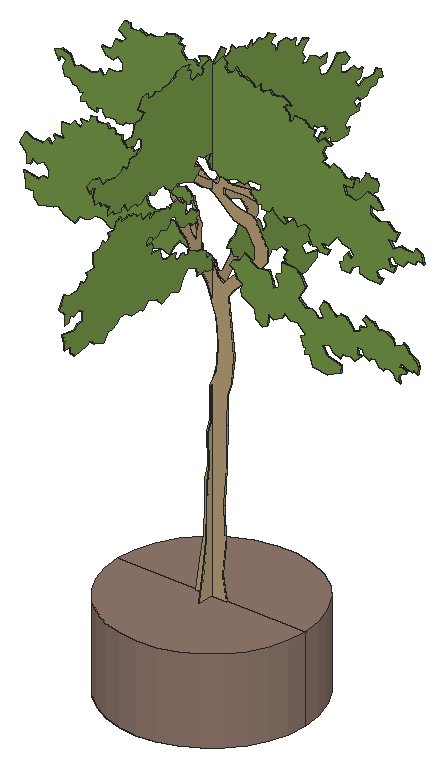
Revit family "L-PL특수목_소나무_1", category 수목, Revit 2019
Family settings
  OmniClass 번호 = 23.40.05.00
  OmniClass 제목 = Plants and Planting Products
  작업 기준면 기반 = 아니오
  항상 수직 = 예
  로드될 때 보이드를 사용하여 절단 = 아니오
  렌더 모양 소스 = 패밀리 형상
  공유 = 아니오
Parameters
  콘 높이 = 뿌리분 직경 / 4  # 272.5 mm
  뿌리분 직경 = (24 mm + ((R / 10) - 3 mm) * 5) * 10  # 1090 mm
  뿌리분 높이 = 뿌리분 직경 / 2  # 545 mm
  높이 = 4500 mm
  R = 200 mm
  H = 높이  # 4500 mm
Reference planes
  plane 1 "중심(앞/뒤)": y = 0
  plane 2: z = 0
  plane 3 "중심(왼쪽/오른쪽)": x = 0
  plane 4: x = 482.5
  plane 5: x = -607.5
  plane 6: z = -545
  plane 7: z = -817.5
  plane 8: z = 4500
  plane 9: x = -100
  plane 10: x = 100
Forms (mm)
  Revolve 1, solid, material "흙"
    sketch origin (0, 0, 0) x (1, 0, 0) y (0, 0, 1)
      loop
        line (0, 0) -> (-607.5, 0) -> (-607.5, -545) -> (0, -545) -> (0, 0)
      axis (0, 0) -> (0, -545)
    angle from 0 to 360
  Revolve 2, solid, material "흙"
    sketch origin (0, 0, 0) x (1, 0, 0) y (0, 0, 1)
      loop
        line (0, -545) -> (-607.5, -545) -> (0, -817.5) -> (0, -545)
      axis (0, -545) -> (0, -817.5)
    angle from 0 to 360
Dimensions and locks
  "뿌리분 직경": plane 4 to plane 5
  "뿌리분 높이": plane 6 to level
  "콘 높이": plane 7 to plane 6
  "H": level to plane 8
  "R": plane 9 to plane 10
  aligned and locked: level to plane 2
Automatic sketch dimensions
  Revolve 1 sketch curve to level = 0 mm  (x2)
  Revolve 1 sketch curve to plane 5 = 0 mm
  Revolve 1 sketch curve to plane 3 "중심(왼쪽/오른쪽)" = 0 mm  (x2)
  Revolve 1 sketch curve to plane 6 = 0 mm  (x2)
  Revolve 2 sketch curve to plane 5 = 0 mm
  Revolve 2 sketch curve to plane 3 "중심(왼쪽/오른쪽)" = 0 mm  (x2)
  Revolve 2 sketch curve to plane 7 = 0 mm  (x2)
  Revolve 2 sketch curve to plane 6 = 0 mm  (x2)
Nested families
  nested 1: "소나무1_base" at (0, 0, 0), type "소나무1_base"
Definition of nested family "소나무1_base"
  Parameters (values of type "소나무1_base")
    Height = 6000 mm
  Reference planes
    plane 1 "중심(앞/뒤)": y = 0
    plane 2: z = 0
    plane 3 "중심(왼쪽/오른쪽)": x = 0
  Forms (mm)
    Extrusion 1, solid
      sketch origin (1137.23, 0, -323.782) x (1, 0, 0) y (0, 0, 1)
        loop
          line (-934.585, 2192.569) -> (-970.449, 2213.187) -> (-976.809, 2241.312) -> (-1053.09, 2164.511) -> (-1094.55, 2190.24) -> (-1112.444, 2253.036) -> (-1122.608, 2209.784) -> (-1164.551, 2209.784) -> (-1196.947, 2225.969) -> (-1217.937, 2222.533) -> (-1172.266, 2140.358) -> (-1102.303, 1935.626) -> (-1085.621, 1783.156) -> (-1098.677, 1637.8) -> (-1144.009, 1531.549) -> (-1143.615, 1335.582) -> (-1164.919, 1268.324) -> (-1156.424, 1075.554) -> (-1176.505, 985.388) -> (-1179.633, 849.862) -> (-1181.531, 664.669) -> (-1209.946, 504.839) -> (-1237.23, 323.782) -> (-1037.23, 323.782) -> (-1063.792, 464.9) -> (-1043.453, 643.17) -> (-1052.318, 878.366) -> (-1037.576, 1102.624) -> (-1032.747, 1347.435) -> (-1030.238, 1514.02) -> (-1005.006, 1592.597) -> (-990.134, 1750.743) -> (-1024.518, 2088.801) -> (-980.633, 2146.557) -> (-934.585, 2192.569)
        loop
          line (-870.794, 2348.049) -> (-858.764, 2341.134) -> (-832.598, 2326.091) -> (-811.092, 2328.525) -> (-772.552, 2374.489) -> (-772.552, 2448.983) -> (-863.691, 2609.186) -> (-973.24, 2627.43) -> (-1052.359, 2674.343) -> (-1052.359, 2711.7) -> (-923.248, 2718.215) -> (-843.694, 2703.446) -> (-884.558, 2745.147) -> (-875.429, 2761.219) -> (-1005.617, 2747.124) -> (-1025.812, 2753.704) -> (-1025.812, 2764.232) -> (-1075.858, 2764.232) -> (-1085.077, 2729.578) -> (-1103.515, 2714.663) -> (-1166.701, 2741.369) -> (-1253.806, 2810.473) -> (-1290.136, 2782.919) -> (-1215.7, 2718.906) -> (-1110.598, 2658.292) -> (-987.595, 2552.146) -> (-905.966, 2524.212) -> (-853.41, 2434.826) -> (-853.41, 2365.551) -> (-870.794, 2348.049)
        loop
          line (-1336.731, 2464.366) -> (-1320.45, 2403.535) -> (-1277.613, 2386.5) -> (-1255.212, 2366.643) -> (-1227.524, 2366.643) -> (-1234.273, 2476.734) -> (-1223.622, 2513.982) -> (-1246.698, 2569.409) -> (-1263.562, 2560.984) -> (-1245.23, 2513.552) -> (-1259.416, 2478.824) -> (-1259.416, 2427.796) -> (-1284.241, 2460.397) -> (-1312.612, 2508.591) -> (-1330.54, 2558.013) -> (-1355.757, 2544.722) -> (-1399.538, 2562.72) -> (-1394.779, 2537.93) -> (-1336.731, 2464.366)
      from 0 to 5
    Extrusion 2, solid
      sketch origin (1137.23, 0, -323.782) x (1, 0, 0) y (0, 0, 1)
        loop
          line (-1703.091, 2845.337) -> (-1684.659, 2867.165) -> (-1658.718, 2867.165) -> (-1633.459, 2882.854) -> (-1633.459, 2857.615) -> (-1604.788, 2843.973) -> (-1580.321, 2866.436) -> (-1529.038, 2866.436) -> (-1503.943, 2835.908) -> (-1466.845, 2809.742) -> (-1419.927, 2834.818) -> (-1373.009, 2813.013) -> (-1294.448, 2783.576) -> (-1255.168, 2814.103) -> (-1228.981, 2843.54) -> (-1286.811, 2870.797) -> (-1255.168, 2918.768) -> (-1203.886, 2886.06) -> (-1187.519, 2886.06) -> (-1139.51, 2886.06) -> (-1167.879, 2843.54) -> (-1141.794, 2789.317) -> (-1105.29, 2789.317) -> (-1078.926, 2767.027) -> (-1024.171, 2767.027) -> (-976.175, 2789.993) -> (-916.687, 2779.185) -> (-886.267, 2810.932) -> (-817.315, 2810.932) -> (-817.315, 2784.589) -> (-839.623, 2766.351) -> (-865.311, 2775.808) -> (-880.859, 2747.438) -> (-832.765, 2697.932) -> (-809.872, 2697.932) -> (-809.872, 2673.71) -> (-760.044, 2673.71) -> (-737.823, 2708.024) -> (-725.703, 2681.111) -> (-694.055, 2657.562) -> (-658.368, 2641.415) -> (-643.554, 2660.254) -> (-666.448, 2681.784) -> (-623.354, 2693.222) -> (-594.4, 2693.222) -> (-576.893, 2655.544) -> (-531.105, 2684.475) -> (-494.744, 2664.291) -> (-506.543, 2631.089) -> (-479.767, 2577.579) -> (-454.999, 2577.579) -> (-434.917, 2558.851) -> (-384.713, 2558.851) -> (-369.316, 2592.295) -> (-399.439, 2592.295) -> (-427.554, 2616.374) -> (-374.672, 2616.374) -> (-321.12, 2685.268) -> (-288.989, 2657.844) -> (-232.744, 2646.717) -> (-215.623, 2609.999) -> (-228.568, 2589.553) -> (-252.37, 2617.926) -> (-278.678, 2587.05) -> (-278.678, 2561.597) -> (-302.897, 2546.993) -> (-292.378, 2504.448) -> (-239.039, 2504.448) -> (-219.837, 2542.822) -> (-177.247, 2565.207) -> (-177.247, 2527.535) -> (-125.18, 2509.485) -> (-47.611, 2509.485) -> (-27.421, 2545.585) -> (-50.798, 2545.585) -> (-67.8, 2575.314) -> (-24.079, 2607.545) -> (44.062, 2607.545) -> (55.971, 2645.225) -> (26.2, 2635.309) -> (8.338, 2676.294) -> (37.447, 2692.82) -> (57.294, 2665.056) -> (107.573, 2665.056) -> (133.374, 2699.43) -> (182.329, 2699.43) -> (195.561, 2731.822) -> (237.239, 2717.279) -> (225.331, 2770.162) -> (188.283, 2791.977) -> (170.421, 2764.213) -> (132.05, 2764.213) -> (90.372, 2774.129) -> (45.386, 2747.026) -> (12.958, 2787.312) -> (55.254, 2787.312) -> (76.402, 2845.279) -> (47.489, 2845.279) -> (7.912, 2884.825) -> (-50.794, 2871.643) -> (-102.904, 2897.348) -> (-102.904, 2942.167) -> (-60.688, 2927.667) -> (-23.75, 2946.122) -> (-65.965, 2997.532) -> (-125.991, 3014.009) -> (-162.929, 2963.917) -> (-203.826, 2934.917) -> (-263.851, 2952.054) -> (-278.363, 3001.486) -> (-224.274, 3001.486) -> (-209.966, 3051.99) -> (-263.578, 3045.63) -> (-301.532, 3078.727) -> (-347.077, 3096.655) -> (-368.469, 3070.453) -> (-418.154, 3083.554) -> (-392.621, 3111.135) -> (-412.633, 3142.164) -> (-392.621, 3180.088) -> (-355.357, 3200.774) -> (-403.662, 3224.907) -> (-438.166, 3195.257) -> (-474.049, 3213.185) -> (-462.318, 3250.42) -> (-498.892, 3250.42) -> (-538.225, 3285.507) -> (-597.025, 3285.507) -> (-607.325, 3249.141) -> (-629.299, 3249.141) -> (-629.299, 3282.076) -> (-666.381, 3315.698) -> (-647.84, 3334.91) -> (-621.059, 3334.91) -> (-636.853, 3350.692) -> (-679.428, 3374.707) -> (-690.415, 3362.356) -> (-735.737, 3362.356) -> (-754.964, 3380.196) -> (-792.732, 3360.984) -> (-816.08, 3360.984) -> (-816.08, 3391.861) -> (-849.041, 3360.298) -> (-871.702, 3381.569) -> (-911.53, 3398.723) -> (-944.491, 3398.723) -> (-976.079, 3435.089) -> (-991.873, 3404.212) -> (-1019.548, 3388.481) -> (-1045.642, 3411.124) -> (-1029.848, 3436.512) -> (-1062.81, 3463.272) -> (-1092.337, 3424.848) -> (-1127.359, 3402.204) -> (-1156.886, 3431.023) -> (-1218.002, 3417.3) -> (-1205.641, 3391.226) -> (-1215.942, 3361.721) -> (-1248.216, 3385.051) -> (-1292.165, 3367.897) -> (-1323.066, 3401.518) -> (-1312.079, 3437.198) -> (-1342.98, 3448.177) -> (-1323.066, 3474.937) -> (-1373.194, 3485.229) -> (-1427.443, 3472.192) -> (-1443.923, 3448.177) -> (-1490.618, 3431.023) -> (-1527.013, 3431.023) -> (-1549.674, 3417.986) -> (-1596.369, 3436.512) -> (-1611.476, 3422.789) -> (-1655.424, 3422.789) -> (-1655.424, 3452.294) -> (-1695.939, 3452.294) -> (-1728.9, 3389.854) -> (-1681.542, 3351.834) -> (-1709.696, 3327.819) -> (-1750.898, 3327.819) -> (-1779.052, 3258.517) -> (-1840.168, 3258.517) -> (-1818.194, 3209.8) -> (-1766.005, 3199.508) -> (-1736.477, 3231.071) -> (-1707.753, 3205.684) -> (-1707.753, 3159.133) -> (-1747.386, 3136.601) -> (-1795.903, 3136.601) -> (-1808.203, 3103.144) -> (-1830.069, 3092.219) -> (-1852.619, 3116.117) -> (-1865.603, 3093.584) -> (-1912.753, 3077.88) -> (-1979.036, 3092.902) -> (-2017.302, 3078.563) -> (-2043.269, 3133.869) -> (-2099.302, 3150.256) -> (-2147.135, 3130.455) -> (-2119.802, 3075.832) -> (-2109.552, 3109.972) -> (-2077.435, 3093.584) -> (-2091.785, 3049.203) -> (-2082.902, 3000.041) -> (-2049.419, 3000.041) -> (-2030.969, 2969.998) -> (-2004.319, 2969.998) -> (-1982.431, 2940.45) -> (-1957.831, 2940.45) -> (-1978.331, 2913.82) -> (-1978.331, 2887.191) -> (-1936.648, 2898.799) -> (-1925.714, 2874.901) -> (-1872.414, 2863.294) -> (-1872.414, 2885.143) -> (-1837.565, 2900.847) -> (-1837.565, 2879.681) -> (-1817.095, 2848.747) -> (-1795.25, 2861.026) -> (-1753.608, 2861.026) -> (-1742.002, 2845.337) -> (-1703.091, 2845.337)
        loop
          line (-2097.474, 2666.253) -> (-2082.982, 2634.395) -> (-2149.645, 2634.395) -> (-2138.659, 2606.698) -> (-2166.3, 2575.922) -> (-2190.511, 2597.666) -> (-2220.174, 2562.957) -> (-2291.668, 2562.957) -> (-2331.28, 2584.195) -> (-2368.96, 2512.757) -> (-2325.483, 2466.419) -> (-2325.483, 2406.565) -> (-2299.091, 2413.537) -> (-2287.21, 2445.59) -> (-2253.023, 2427.803) -> (-2218.242, 2450.007) -> (-2183.46, 2421.045) -> (-2183.46, 2367.949) -> (-2224.038, 2367.949) -> (-2250.124, 2345.745) -> (-2344.806, 2362.157) -> (-2330.127, 2303.843) -> (-2330.127, 2264.468) -> (-2282.84, 2262.557) -> (-2282.84, 2229.333) -> (-2247.071, 2196.621) -> (-2153.101, 2214.188) -> (-2125.82, 2228.121) -> (-2083.989, 2195.409) -> (-2016.088, 2170.572) -> (-1981.532, 2216.611) -> (-1950.613, 2216.611) -> (-1909.994, 2232.362) -> (-1882.107, 2257.199) -> (-1834.213, 2257.199) -> (-1783.287, 2225.698) -> (-1718.024, 2230.886) -> (-1695.527, 2217.477) -> (-1647.539, 2255.109) -> (-1591.047, 2233.258) -> (-1542.452, 2189.557) -> (-1460.447, 2219.298) -> (-1405.169, 2198.054) -> (-1372.367, 2260.572) -> (-1335.313, 2305.487) -> (-1266.065, 2276.96) -> (-1252.701, 2220.512) -> (-1196.195, 2229.004) -> (-1164.484, 2213.161) -> (-1124.235, 2213.161) -> (-1115.697, 2251.55) -> (-1146.798, 2295.423) -> (-1191.926, 2295.423) -> (-1191.926, 2339.297) -> (-1223.027, 2363.062) -> (-1255.958, 2363.062) -> (-1279.132, 2384.389) -> (-1327.91, 2402.213) -> (-1327.91, 2383.914) -> (-1356.907, 2383.914) -> (-1366.446, 2406.788) -> (-1387.813, 2406.788) -> (-1397.733, 2391.92) -> (-1427.875, 2391.92) -> (-1439.321, 2408.313) -> (-1431.69, 2431.95) -> (-1466.029, 2438.05) -> (-1504.946, 2428.9) -> (-1536.996, 2443.007) -> (-1550.35, 2470.837) -> (-1557.218, 2504.768) -> (-1591.557, 2513.156) -> (-1632.001, 2513.156) -> (-1621.411, 2550.81) -> (-1627.936, 2574.203) -> (-1666.699, 2574.203) -> (-1675.91, 2601.814) -> (-1651.731, 2618.688) -> (-1614.503, 2609.484) -> (-1614.503, 2589.159) -> (-1577.274, 2598.746) -> (-1560.004, 2618.688) -> (-1530.067, 2613.319) -> (-1505.888, 2599.513) -> (-1477.487, 2626.742) -> (-1482.477, 2645.149) -> (-1455.611, 2652.052) -> (-1428.361, 2642.848) -> (-1428.361, 2618.305) -> (-1413.01, 2599.513) -> (-1401.879, 2566.916) -> (-1356.305, 2547.294) -> (-1327.948, 2561.461) -> (-1294.66, 2534.975) -> (-1265.07, 2547.294) -> (-1265.07, 2562.693) -> (-1245.344, 2571.933) -> (-1245.344, 2594.724) -> (-1259.992, 2586.033) -> (-1270.02, 2609.541) -> (-1285.833, 2613.395) -> (-1301.646, 2632.279) -> (-1320.159, 2622.644) -> (-1348.699, 2614.551) -> (-1361.427, 2639.601) -> (-1351.785, 2660.026) -> (-1351.785, 2692.547) -> (-1376.14, 2692.547) -> (-1418.223, 2738.308) -> (-1452.735, 2728.387) -> (-1470.933, 2728.387) -> (-1462.028, 2712.911) -> (-1480.226, 2704.399) -> (-1498.812, 2728.774) -> (-1510.428, 2718.715) -> (-1521.657, 2724.131) -> (-1548.761, 2740.381) -> (-1553.794, 2729.548) -> (-1600.258, 2745.024) -> (-1600.258, 2733.03) -> (-1613.81, 2733.03) -> (-1630.073, 2716.393) -> (-1646.722, 2731.482) -> (-1637.042, 2751.988) -> (-1653.692, 2751.988) -> (-1680.73, 2741.128) -> (-1700.983, 2741.128) -> (-1710.721, 2762.923) -> (-1710.721, 2782.771) -> (-1753.953, 2776.933) -> (-1753.953, 2794.446) -> (-1770.312, 2805.343) -> (-1787.06, 2796.392) -> (-1809.28, 2817.537) -> (-1827.196, 2807.807) -> (-1869.65, 2807.807) -> (-1875.493, 2820.261) -> (-1875.493, 2833.493) -> (-1895.746, 2825.32) -> (-1913.273, 2825.32) -> (-1913.907, 2813.957) -> (-1927.944, 2785.458) -> (-1975.443, 2785.458) -> (-1965.63, 2762.708) -> (-1978.191, 2741.919) -> (-1997.819, 2741.919) -> (-2018.232, 2759.962) -> (-2042.404, 2727.072) -> (-2097.474, 2727.072) -> (-2097.474, 2666.253)
        loop
          line (-728.938, 2059.436) -> (-675.043, 2089.743) -> (-657.865, 2119.623) -> (-619.24, 2097.417) -> (-574.146, 2097.997) -> (-525.075, 2044.939) -> (-556.303, 2028.106) -> (-539.495, 1973.718) -> (-525.779, 1975.364) -> (-532.571, 1935.977) -> (-498.589, 1941.782) -> (-480.895, 1878.816) -> (-383.341, 1862.857) -> (-297.127, 1906.212) -> (-294.644, 1949.132) -> (-385.371, 1969.613) -> (-417.888, 2027.802) -> (-369.456, 2040.02) -> (-344.661, 2005.407) -> (-299.687, 1988.746) -> (-284.647, 2014.907) -> (-266.128, 2017.396) -> (-233.262, 2020.831) -> (-207.08, 2005.779) -> (-162.141, 2049.22) -> (-187.761, 2053.615) -> (-190.494, 2090.806) -> (-156.794, 2089.242) -> (-147.271, 2063.862) -> (-111.81, 2043.476) -> (-103.209, 2058.436) -> (-72.544, 2060.712) -> (-50.295, 2030.112) -> (-23.502, 2014.709) -> (-14.449, 2030.457) -> (11.27, 2038.719) -> (43.579, 2020.145) -> (58.736, 1993.621) -> (87.105, 1977.313) -> (78.05, 2010.804) -> (90.725, 2032.851) -> (121.189, 2045.719) -> (132.053, 2064.617) -> (82.14, 2074.454) -> (94.362, 2095.714) -> (121.155, 2080.311) -> (169.156, 2072.62) -> (175.041, 2082.857) -> (201.045, 2067.907) -> (207.801, 2114.309) -> (194.12, 2145.223) -> (144.475, 2173.763) -> (129.217, 2205.583) -> (106.364, 2218.721) -> (96.858, 2202.185) -> (48.81, 2184.114) -> (42.263, 2218.141) -> (-1.693, 2243.411) -> (-28.531, 2242.143) -> (-56.27, 2239.306) -> (-85.614, 2271.829) -> (-117.044, 2275.288) -> (-139.807, 2288.375) -> (-153.785, 2264.061) -> (-134.947, 2253.231) -> (-126.028, 2225.146) -> (-173.038, 2219.418) -> (-169.118, 2191.177) -> (-213.328, 2177.611) -> (-222.156, 2199.578) -> (-265.681, 2241.493) -> (-301.47, 2242.576) -> (-322.348, 2222.094) -> (-358.511, 2242.884) -> (-377.311, 2275.782) -> (-409.387, 2279.929) -> (-436.056, 2233.539) -> (-406.745, 2181.605) -> (-447.804, 2170.126) -> (-469.827, 2199.679) -> (-487.42, 2209.793) -> (-521.961, 2206.261) -> (-566.817, 2246.991) -> (-549.973, 2276.29) -> (-524.427, 2320.726) -> (-554.696, 2382.307) -> (-597.213, 2406.749) -> (-678.574, 2409.993) -> (-679.426, 2373.451) -> (-678.229, 2346.125) -> (-711.533, 2333.436) -> (-719.393, 2319.763) -> (-696.694, 2280.076) -> (-696.247, 2261.627) -> (-730.953, 2246.496) -> (-738.295, 2276.705) -> (-745.782, 2304.398) -> (-763.261, 2333.937) -> (-832.598, 2326.091) -> (-858.764, 2341.134) -> (-902.374, 2366.205) -> (-921.064, 2376.949) -> (-951.125, 2324.658) -> (-992.136, 2316.762) -> (-1013.608, 2279.412) -> (-981.213, 2260.788) -> (-970.449, 2213.187) -> (-930.577, 2190.265) -> (-944.892, 2165.365) -> (-936.779, 2127.571) -> (-910.613, 2112.528) -> (-857.035, 2081.727) -> (-844.866, 2025.036) -> (-800.011, 1999.249) -> (-770.929, 2012.347) -> (-762.58, 2078.776) -> (-728.938, 2059.436)
      from 0 to 5
    Extrusion 3, solid
      sketch origin (0, 1137.23, -323.782) x (0, 1, 0) y (0, 0, 1)
        loop
          line (-934.585, 2192.569) -> (-970.449, 2213.187) -> (-976.809, 2241.312) -> (-1053.09, 2164.511) -> (-1094.55, 2190.24) -> (-1112.444, 2253.036) -> (-1122.608, 2209.784) -> (-1164.551, 2209.784) -> (-1196.947, 2225.969) -> (-1217.937, 2222.533) -> (-1172.266, 2140.358) -> (-1102.303, 1935.626) -> (-1085.621, 1783.156) -> (-1098.677, 1637.8) -> (-1144.009, 1531.549) -> (-1143.615, 1335.582) -> (-1164.919, 1268.324) -> (-1156.424, 1075.554) -> (-1176.505, 985.388) -> (-1179.633, 849.862) -> (-1181.531, 664.669) -> (-1209.946, 504.839) -> (-1237.23, 323.782) -> (-1037.23, 323.782) -> (-1063.792, 464.9) -> (-1043.453, 643.17) -> (-1052.318, 878.366) -> (-1037.576, 1102.624) -> (-1032.747, 1347.435) -> (-1030.238, 1514.02) -> (-1005.006, 1592.597) -> (-990.134, 1750.743) -> (-1024.518, 2088.801) -> (-980.633, 2146.557) -> (-934.585, 2192.569)
        loop
          line (-870.794, 2348.049) -> (-858.764, 2341.134) -> (-832.598, 2326.091) -> (-811.092, 2328.525) -> (-772.552, 2374.489) -> (-772.552, 2448.983) -> (-863.691, 2609.186) -> (-973.24, 2627.43) -> (-1052.359, 2674.343) -> (-1052.359, 2711.7) -> (-923.248, 2718.215) -> (-843.694, 2703.446) -> (-884.558, 2745.147) -> (-875.429, 2761.219) -> (-1005.617, 2747.124) -> (-1025.812, 2753.704) -> (-1025.812, 2764.232) -> (-1075.858, 2764.232) -> (-1085.077, 2729.578) -> (-1103.515, 2714.663) -> (-1166.701, 2741.369) -> (-1253.806, 2810.473) -> (-1290.136, 2782.919) -> (-1215.7, 2718.906) -> (-1110.598, 2658.292) -> (-987.595, 2552.146) -> (-905.966, 2524.212) -> (-853.41, 2434.826) -> (-853.41, 2365.551) -> (-870.794, 2348.049)
        loop
          line (-1336.731, 2464.366) -> (-1320.45, 2403.535) -> (-1277.613, 2386.5) -> (-1255.212, 2366.643) -> (-1227.524, 2366.643) -> (-1234.273, 2476.734) -> (-1223.622, 2513.982) -> (-1246.698, 2569.409) -> (-1263.562, 2560.984) -> (-1245.23, 2513.552) -> (-1259.416, 2478.824) -> (-1259.416, 2427.796) -> (-1284.241, 2460.397) -> (-1312.612, 2508.591) -> (-1330.54, 2558.013) -> (-1355.757, 2544.722) -> (-1399.538, 2562.72) -> (-1394.779, 2537.93) -> (-1336.731, 2464.366)
      from 0 to 5
    Extrusion 4, solid
      sketch origin (0, 1137.23, -323.782) x (0, 1, 0) y (0, 0, 1)
        loop
          line (-1703.091, 2845.337) -> (-1684.659, 2867.165) -> (-1658.718, 2867.165) -> (-1633.459, 2882.854) -> (-1633.459, 2857.615) -> (-1604.788, 2843.973) -> (-1580.321, 2866.436) -> (-1529.038, 2866.436) -> (-1503.943, 2835.908) -> (-1466.845, 2809.742) -> (-1419.927, 2834.818) -> (-1373.009, 2813.013) -> (-1294.448, 2783.576) -> (-1255.168, 2814.103) -> (-1228.981, 2843.54) -> (-1286.811, 2870.797) -> (-1255.168, 2918.768) -> (-1203.886, 2886.06) -> (-1187.519, 2886.06) -> (-1139.51, 2886.06) -> (-1167.879, 2843.54) -> (-1141.794, 2789.317) -> (-1105.29, 2789.317) -> (-1078.926, 2767.027) -> (-1024.171, 2767.027) -> (-976.175, 2789.993) -> (-916.687, 2779.185) -> (-886.267, 2810.932) -> (-817.315, 2810.932) -> (-817.315, 2784.589) -> (-839.623, 2766.351) -> (-865.311, 2775.808) -> (-880.859, 2747.438) -> (-832.765, 2697.932) -> (-809.872, 2697.932) -> (-809.872, 2673.71) -> (-760.044, 2673.71) -> (-737.823, 2708.024) -> (-725.703, 2681.111) -> (-694.055, 2657.562) -> (-658.368, 2641.415) -> (-643.554, 2660.254) -> (-666.448, 2681.784) -> (-623.354, 2693.222) -> (-594.4, 2693.222) -> (-576.893, 2655.544) -> (-531.105, 2684.475) -> (-494.744, 2664.291) -> (-506.543, 2631.089) -> (-479.767, 2577.579) -> (-454.999, 2577.579) -> (-434.917, 2558.851) -> (-384.713, 2558.851) -> (-369.316, 2592.295) -> (-399.439, 2592.295) -> (-427.554, 2616.374) -> (-374.672, 2616.374) -> (-321.12, 2685.268) -> (-288.989, 2657.844) -> (-232.744, 2646.717) -> (-215.623, 2609.999) -> (-228.568, 2589.553) -> (-252.37, 2617.926) -> (-278.678, 2587.05) -> (-278.678, 2561.597) -> (-302.897, 2546.993) -> (-292.378, 2504.448) -> (-239.039, 2504.448) -> (-219.837, 2542.822) -> (-177.247, 2565.207) -> (-177.247, 2527.535) -> (-125.18, 2509.485) -> (-47.611, 2509.485) -> (-27.421, 2545.585) -> (-50.798, 2545.585) -> (-67.8, 2575.314) -> (-24.079, 2607.545) -> (44.062, 2607.545) -> (55.971, 2645.225) -> (26.2, 2635.309) -> (8.338, 2676.294) -> (37.447, 2692.82) -> (57.294, 2665.056) -> (107.573, 2665.056) -> (133.374, 2699.43) -> (182.329, 2699.43) -> (195.561, 2731.822) -> (237.239, 2717.279) -> (225.331, 2770.162) -> (188.283, 2791.977) -> (170.421, 2764.213) -> (132.05, 2764.213) -> (90.372, 2774.129) -> (45.386, 2747.026) -> (12.958, 2787.312) -> (55.254, 2787.312) -> (76.402, 2845.279) -> (47.489, 2845.279) -> (7.912, 2884.825) -> (-50.794, 2871.643) -> (-102.904, 2897.348) -> (-102.904, 2942.167) -> (-60.688, 2927.667) -> (-23.75, 2946.122) -> (-65.965, 2997.532) -> (-125.991, 3014.009) -> (-162.929, 2963.917) -> (-203.826, 2934.917) -> (-263.851, 2952.054) -> (-278.363, 3001.486) -> (-224.274, 3001.486) -> (-209.966, 3051.99) -> (-263.578, 3045.63) -> (-301.532, 3078.727) -> (-347.077, 3096.655) -> (-368.469, 3070.453) -> (-418.154, 3083.554) -> (-392.621, 3111.135) -> (-412.633, 3142.164) -> (-392.621, 3180.088) -> (-355.357, 3200.774) -> (-403.662, 3224.907) -> (-438.166, 3195.257) -> (-474.049, 3213.185) -> (-462.318, 3250.42) -> (-498.892, 3250.42) -> (-538.225, 3285.507) -> (-597.025, 3285.507) -> (-607.325, 3249.141) -> (-629.299, 3249.141) -> (-629.299, 3282.076) -> (-666.381, 3315.698) -> (-647.84, 3334.91) -> (-621.059, 3334.91) -> (-636.853, 3350.692) -> (-679.428, 3374.707) -> (-690.415, 3362.356) -> (-735.737, 3362.356) -> (-754.964, 3380.196) -> (-792.732, 3360.984) -> (-816.08, 3360.984) -> (-816.08, 3391.861) -> (-849.041, 3360.298) -> (-871.702, 3381.569) -> (-911.53, 3398.723) -> (-944.491, 3398.723) -> (-976.079, 3435.089) -> (-991.873, 3404.212) -> (-1019.548, 3388.481) -> (-1045.642, 3411.124) -> (-1029.848, 3436.512) -> (-1062.81, 3463.272) -> (-1092.337, 3424.848) -> (-1127.359, 3402.204) -> (-1156.886, 3431.023) -> (-1218.002, 3417.3) -> (-1205.641, 3391.226) -> (-1215.942, 3361.721) -> (-1248.216, 3385.051) -> (-1292.165, 3367.897) -> (-1323.066, 3401.518) -> (-1312.079, 3437.198) -> (-1342.98, 3448.177) -> (-1323.066, 3474.937) -> (-1373.194, 3485.229) -> (-1427.443, 3472.192) -> (-1443.923, 3448.177) -> (-1490.618, 3431.023) -> (-1527.013, 3431.023) -> (-1549.674, 3417.986) -> (-1596.369, 3436.512) -> (-1611.476, 3422.789) -> (-1655.424, 3422.789) -> (-1655.424, 3452.294) -> (-1695.939, 3452.294) -> (-1728.9, 3389.854) -> (-1681.542, 3351.834) -> (-1709.696, 3327.819) -> (-1750.898, 3327.819) -> (-1779.052, 3258.517) -> (-1840.168, 3258.517) -> (-1818.194, 3209.8) -> (-1766.005, 3199.508) -> (-1736.477, 3231.071) -> (-1707.753, 3205.684) -> (-1707.753, 3159.133) -> (-1747.386, 3136.601) -> (-1795.903, 3136.601) -> (-1808.203, 3103.144) -> (-1830.069, 3092.219) -> (-1852.619, 3116.117) -> (-1865.603, 3093.584) -> (-1912.753, 3077.88) -> (-1979.036, 3092.902) -> (-2017.302, 3078.563) -> (-2043.269, 3133.869) -> (-2099.302, 3150.256) -> (-2147.135, 3130.455) -> (-2119.802, 3075.832) -> (-2109.552, 3109.972) -> (-2077.435, 3093.584) -> (-2091.785, 3049.203) -> (-2082.902, 3000.041) -> (-2049.419, 3000.041) -> (-2030.969, 2969.998) -> (-2004.319, 2969.998) -> (-1982.431, 2940.45) -> (-1957.831, 2940.45) -> (-1978.331, 2913.82) -> (-1978.331, 2887.191) -> (-1936.648, 2898.799) -> (-1925.714, 2874.901) -> (-1872.414, 2863.294) -> (-1872.414, 2885.143) -> (-1837.565, 2900.847) -> (-1837.565, 2879.681) -> (-1817.095, 2848.747) -> (-1795.25, 2861.026) -> (-1753.608, 2861.026) -> (-1742.002, 2845.337) -> (-1703.091, 2845.337)
        loop
          line (-2097.474, 2666.253) -> (-2082.982, 2634.395) -> (-2149.645, 2634.395) -> (-2138.659, 2606.698) -> (-2166.3, 2575.922) -> (-2190.511, 2597.666) -> (-2220.174, 2562.957) -> (-2291.668, 2562.957) -> (-2331.28, 2584.195) -> (-2368.96, 2512.757) -> (-2325.483, 2466.419) -> (-2325.483, 2406.565) -> (-2299.091, 2413.537) -> (-2287.21, 2445.59) -> (-2253.023, 2427.803) -> (-2218.242, 2450.007) -> (-2183.46, 2421.045) -> (-2183.46, 2367.949) -> (-2224.038, 2367.949) -> (-2250.124, 2345.745) -> (-2344.806, 2362.157) -> (-2330.127, 2303.843) -> (-2330.127, 2264.468) -> (-2282.84, 2262.557) -> (-2282.84, 2229.333) -> (-2247.071, 2196.621) -> (-2153.101, 2214.188) -> (-2125.82, 2228.121) -> (-2083.989, 2195.409) -> (-2016.088, 2170.572) -> (-1981.532, 2216.611) -> (-1950.613, 2216.611) -> (-1909.994, 2232.362) -> (-1882.107, 2257.199) -> (-1834.213, 2257.199) -> (-1783.287, 2225.698) -> (-1718.024, 2230.886) -> (-1695.527, 2217.477) -> (-1647.539, 2255.109) -> (-1591.047, 2233.258) -> (-1542.452, 2189.557) -> (-1460.447, 2219.298) -> (-1405.169, 2198.054) -> (-1372.367, 2260.572) -> (-1335.313, 2305.487) -> (-1266.065, 2276.96) -> (-1252.701, 2220.512) -> (-1196.195, 2229.004) -> (-1164.484, 2213.161) -> (-1124.235, 2213.161) -> (-1115.697, 2251.55) -> (-1146.798, 2295.423) -> (-1191.926, 2295.423) -> (-1191.926, 2339.297) -> (-1223.027, 2363.062) -> (-1255.958, 2363.062) -> (-1279.132, 2384.389) -> (-1327.91, 2402.213) -> (-1327.91, 2383.914) -> (-1356.907, 2383.914) -> (-1366.446, 2406.788) -> (-1387.813, 2406.788) -> (-1397.733, 2391.92) -> (-1427.875, 2391.92) -> (-1439.321, 2408.313) -> (-1431.69, 2431.95) -> (-1466.029, 2438.05) -> (-1504.946, 2428.9) -> (-1536.996, 2443.007) -> (-1550.35, 2470.837) -> (-1557.218, 2504.768) -> (-1591.557, 2513.156) -> (-1632.001, 2513.156) -> (-1621.411, 2550.81) -> (-1627.936, 2574.203) -> (-1666.699, 2574.203) -> (-1675.91, 2601.814) -> (-1651.731, 2618.688) -> (-1614.503, 2609.484) -> (-1614.503, 2589.159) -> (-1577.274, 2598.746) -> (-1560.004, 2618.688) -> (-1530.067, 2613.319) -> (-1505.888, 2599.513) -> (-1477.487, 2626.742) -> (-1482.477, 2645.149) -> (-1455.611, 2652.052) -> (-1428.361, 2642.848) -> (-1428.361, 2618.305) -> (-1413.01, 2599.513) -> (-1401.879, 2566.916) -> (-1356.305, 2547.294) -> (-1327.948, 2561.461) -> (-1294.66, 2534.975) -> (-1265.07, 2547.294) -> (-1265.07, 2562.693) -> (-1245.344, 2571.933) -> (-1245.344, 2594.724) -> (-1259.992, 2586.033) -> (-1270.02, 2609.541) -> (-1285.833, 2613.395) -> (-1301.646, 2632.279) -> (-1320.159, 2622.644) -> (-1348.699, 2614.551) -> (-1361.427, 2639.601) -> (-1351.785, 2660.026) -> (-1351.785, 2692.547) -> (-1376.14, 2692.547) -> (-1418.223, 2738.308) -> (-1452.735, 2728.387) -> (-1470.933, 2728.387) -> (-1462.028, 2712.911) -> (-1480.226, 2704.399) -> (-1498.812, 2728.774) -> (-1510.428, 2718.715) -> (-1521.657, 2724.131) -> (-1548.761, 2740.381) -> (-1553.794, 2729.548) -> (-1600.258, 2745.024) -> (-1600.258, 2733.03) -> (-1613.81, 2733.03) -> (-1630.073, 2716.393) -> (-1646.722, 2731.482) -> (-1637.042, 2751.988) -> (-1653.692, 2751.988) -> (-1680.73, 2741.128) -> (-1700.983, 2741.128) -> (-1710.721, 2762.923) -> (-1710.721, 2782.771) -> (-1753.953, 2776.933) -> (-1753.953, 2794.446) -> (-1770.312, 2805.343) -> (-1787.06, 2796.392) -> (-1809.28, 2817.537) -> (-1827.196, 2807.807) -> (-1869.65, 2807.807) -> (-1875.493, 2820.261) -> (-1875.493, 2833.493) -> (-1895.746, 2825.32) -> (-1913.273, 2825.32) -> (-1913.907, 2813.957) -> (-1927.944, 2785.458) -> (-1975.443, 2785.458) -> (-1965.63, 2762.708) -> (-1978.191, 2741.919) -> (-1997.819, 2741.919) -> (-2018.232, 2759.962) -> (-2042.404, 2727.072) -> (-2097.474, 2727.072) -> (-2097.474, 2666.253)
        loop
          line (-728.938, 2059.436) -> (-675.043, 2089.743) -> (-657.865, 2119.623) -> (-619.24, 2097.417) -> (-574.146, 2097.997) -> (-525.075, 2044.939) -> (-556.303, 2028.106) -> (-539.495, 1973.718) -> (-525.779, 1975.364) -> (-532.571, 1935.977) -> (-498.589, 1941.782) -> (-480.895, 1878.816) -> (-383.341, 1862.857) -> (-297.127, 1906.212) -> (-294.644, 1949.132) -> (-385.371, 1969.613) -> (-417.888, 2027.802) -> (-369.456, 2040.02) -> (-344.661, 2005.407) -> (-299.687, 1988.746) -> (-284.647, 2014.907) -> (-266.128, 2017.396) -> (-233.262, 2020.831) -> (-207.08, 2005.779) -> (-162.141, 2049.22) -> (-187.761, 2053.615) -> (-190.494, 2090.806) -> (-156.794, 2089.242) -> (-147.271, 2063.862) -> (-111.81, 2043.476) -> (-103.209, 2058.436) -> (-72.544, 2060.712) -> (-50.295, 2030.112) -> (-23.502, 2014.709) -> (-14.449, 2030.457) -> (11.27, 2038.719) -> (43.579, 2020.145) -> (58.736, 1993.621) -> (87.105, 1977.313) -> (78.05, 2010.804) -> (90.725, 2032.851) -> (121.189, 2045.719) -> (132.053, 2064.617) -> (82.14, 2074.454) -> (94.362, 2095.714) -> (121.155, 2080.311) -> (169.156, 2072.62) -> (175.041, 2082.857) -> (201.045, 2067.907) -> (207.801, 2114.309) -> (194.12, 2145.223) -> (144.475, 2173.763) -> (129.217, 2205.583) -> (106.364, 2218.721) -> (96.858, 2202.185) -> (48.81, 2184.114) -> (42.263, 2218.141) -> (-1.693, 2243.411) -> (-28.531, 2242.143) -> (-56.27, 2239.306) -> (-85.614, 2271.829) -> (-117.044, 2275.288) -> (-139.807, 2288.375) -> (-153.785, 2264.061) -> (-134.947, 2253.231) -> (-126.028, 2225.146) -> (-173.038, 2219.418) -> (-169.118, 2191.177) -> (-213.328, 2177.611) -> (-222.156, 2199.578) -> (-265.681, 2241.493) -> (-301.47, 2242.576) -> (-322.348, 2222.094) -> (-358.511, 2242.884) -> (-377.311, 2275.782) -> (-409.387, 2279.929) -> (-436.056, 2233.539) -> (-406.745, 2181.605) -> (-447.804, 2170.126) -> (-469.827, 2199.679) -> (-487.42, 2209.793) -> (-521.961, 2206.261) -> (-566.817, 2246.991) -> (-549.973, 2276.29) -> (-524.427, 2320.726) -> (-554.696, 2382.307) -> (-597.213, 2406.749) -> (-678.574, 2409.993) -> (-679.426, 2373.451) -> (-678.229, 2346.125) -> (-711.533, 2333.436) -> (-719.393, 2319.763) -> (-696.694, 2280.076) -> (-696.247, 2261.627) -> (-730.953, 2246.496) -> (-738.295, 2276.705) -> (-745.782, 2304.398) -> (-763.261, 2333.937) -> (-832.598, 2326.091) -> (-858.764, 2341.134) -> (-902.374, 2366.205) -> (-921.064, 2376.949) -> (-951.125, 2324.658) -> (-992.136, 2316.762) -> (-1013.608, 2279.412) -> (-981.213, 2260.788) -> (-970.449, 2213.187) -> (-930.577, 2190.265) -> (-944.892, 2165.365) -> (-936.779, 2127.571) -> (-910.613, 2112.528) -> (-857.035, 2081.727) -> (-844.866, 2025.036) -> (-800.011, 1999.249) -> (-770.929, 2012.347) -> (-762.58, 2078.776) -> (-728.938, 2059.436)
      from 0 to 5
  Lines and regions (mm)
    symbolic lines
      curve 1: arc (646.101, -1366.729, 0) -> (387.083, -1322.686, 0) -> (192.84, -1499.604, 0) r 299.792
      curve 2: arc (279.296, 1481.351, 0) -> (462.959, 1293.473, 0) -> (724.094, 1322.429, 0) r 299.792
      curve 3: arc (-724.094, -1326.989, 0) -> (-840.709, -1091.552, 0) -> (-1098.012, -1038.396, 0) r 299.792
      curve 4: arc (-1098.012, -1038.396, 0) -> (-1136.166, -778.446, 0) -> (-1364.449, -648.381, 0) r 299.792
      curve 5: arc (192.84, -1499.604, 0) -> (-39.89, -1377.676, 0) -> (-279.296, -1485.911, 0) r 299.792
      curve 6: arc (-279.296, -1485.911, 0) -> (-462.959, -1298.033, 0) -> (-724.094, -1326.989, 0) r 299.792
      curve 7: arc (-1497.324, -195.121, 0) -> (-1375.396, 37.61, 0) -> (-1483.631, 277.016, 0) r 299.792
      curve 8: arc (-1483.631, 277.016, 0) -> (-1295.753, 460.679, 0) -> (-1324.709, 721.814, 0) r 299.792
      curve 9: arc (-1324.709, 721.814, 0) -> (-1089.272, 838.429, 0) -> (-1036.116, 1095.732, 0) r 299.792
      curve 10: arc (-1036.116, 1095.732, 0) -> (-776.166, 1133.886, 0) -> (-646.101, 1362.169, 0) r 299.792
      curve 11: arc (-646.101, 1362.169, 0) -> (-387.083, 1318.126, 0) -> (-192.84, 1495.044, 0) r 299.792
      curve 12: arc (-192.84, 1495.044, 0) -> (39.89, 1373.116, 0) -> (279.296, 1481.351, 0) r 299.792
      curve 13: arc (-1364.449, -648.381, 0) -> (-1320.406, -389.363, 0) -> (-1497.324, -195.121, 0) r 299.792
      curve 14: line (1036.116, -1100.292, 0) -> (0, -2.28, 0)
      curve 15: line (0, -2.28, 0) -> (646.101, -1366.729, 0)
      curve 16: line (1483.631, -281.576, 0) -> (0, -2.28, 0)
      curve 17: line (0, -2.28, 0) -> (1497.324, 190.56, 0)
      curve 18: line (1364.449, 643.821, 0) -> (0, -2.28, 0)
      curve 19: line (0, -2.28, 0) -> (1324.709, -726.374, 0)
      curve 20: line (724.094, 1322.429, 0) -> (0, -2.28, 0)
      curve 21: line (0, -2.28, 0) -> (1098.012, 1033.836, 0)
      curve 22: line (-724.094, -1326.989, 0) -> (0, -2.28, 0)
      curve 23: line (0, -2.28, 0) -> (-1098.012, -1038.396, 0)
      curve 24: line (192.84, -1499.604, 0) -> (0, -2.28, 0)
      curve 25: line (0, -2.28, 0) -> (-279.296, -1485.911, 0)
      curve 26: line (-1364.449, -648.381, 0) -> (0, -2.28, 0)
      curve 27: line (0, -2.28, 0) -> (-1497.324, -195.121, 0)
      curve 28: line (-1036.116, 1095.732, 0) -> (0, -2.28, 0)
      curve 29: line (0, -2.28, 0) -> (-1483.631, 277.016, 0)
      curve 30: line (-192.84, 1495.044, 0) -> (0, -2.28, 0)
      curve 31: line (0, -2.28, 0) -> (-1324.709, 721.814, 0)
      curve 32: line (279.296, 1481.351, 0) -> (0, -2.28, 0)
      curve 33: line (0, -2.28, 0) -> (-646.101, 1362.169, 0)
      curve 34: arc (1324.709, -726.374, 0) -> (1089.272, -842.989, 0) -> (1036.116, -1100.292, 0) r 299.792
      curve 35: arc (1036.116, -1100.292, 0) -> (776.166, -1138.446, 0) -> (646.101, -1366.729, 0) r 299.792
      curve 36: arc (724.094, 1322.429, 0) -> (840.709, 1086.992, 0) -> (1098.012, 1033.836, 0) r 299.792
      curve 37: arc (1098.012, 1033.836, 0) -> (1136.166, 773.886, 0) -> (1364.449, 643.821, 0) r 299.792
      curve 38: arc (1364.449, 643.821, 0) -> (1320.406, 384.803, 0) -> (1497.324, 190.56, 0) r 299.792
      curve 39: arc (1497.324, 190.56, 0) -> (1375.396, -42.17, 0) -> (1483.631, -281.576, 0) r 299.792
      curve 40: arc (1483.631, -281.576, 0) -> (1295.753, -465.239, 0) -> (1324.709, -726.374, 0) r 299.792
  Dimensions and locks
    aligned and locked: level to plane 2
